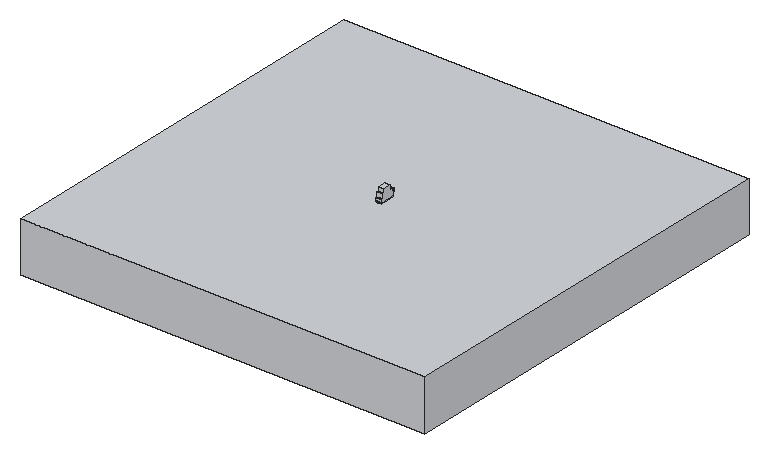
Revit family "Gira_543700", category Elektroinstallationen, Revit 2017
Family settings
  Basisbauteil = Fläche
  Beschriftungsausrichtung beibehalten = Nein
  Bemaßung runder Anschluss = Durchmesser verwenden
  Teiletyp = Normal
  Beim Laden mit Abzugskörper schneiden = Nein
  Gemeinsam genutzt = Nein
  Raumberechnungspunkt = Nein
Parameters (values of type "Funk Jal.aktor 1f REG Gira eNet")
  Default Elevation = 1219.2 mm
  Vor Ort-/Handbedienung = no
  URL = "https://www.gira.de/"
  Typname = "Funk Jal.aktor 1f REG Gira eNet"
  Type Comments = ""
  Stromart = "AC"
  Schutzart (IP) = "IP20"
  Produktseite = "https://media.stage.bim.site/t/eyJhbGciOiJIUzI1NiIsInR5cCI6IkpXVCJ9.eyJjdCI6MiwidHUiOiJodHRwOi8va2F0YWxvZy5naXJhLmRlL2RlX0RFL2RhdGVuYmxhdHQuaHRtbD9hcnRpa2VsbnI9NTQzNzAwIiwiY2lkIjoiMzI3N2NjMjMtODFhOS00ZWUzLWE5MGEtYjQ3YmI0YzBiNjE2IiwicmlkIjoiZmYyMjk0YmQ5ZjEzYjdkYmYyMjljNDQyOWUwZTYwYzciLCJwaWQiOiIxOWYyYjY1OTU3ODdhMzQ2ZGJjOTc1ZWM2MjdlZTM5NWI2MzM3YjAzIiwic2lkIjoiNjM0NzAiLCJ1dCI6MSwibGMiOiJkZSIsImlhdCI6MTYwMDkzOTMxOSwiaXNzIjoiaHR0cHM6Ly9hcGkubGl2ZS5iaW0uc2l0ZSIsInN1YiI6ImFkbWluQGJpbXNpdGUuZGV2In0.mENnl_xwbbUowi9d0C_xhE1K9AxwtSjAQomj4pCZhwM"
  Montageart = "REG"
  Model = ""
  Mit LED-Anzeige = no
  Mit Busankopplung = no
  Max. Schaltleistung [Voltampere] = 1000
  Max. Anzahl der Jalousieausgänge = 1
  Kosten = 0
  Hersteller = "Gira"
  HeinzeBIM = "https://www.heinze.de/bim/funk-jal-aktor-1f-reg-gira-enet/19f2b6595787a346dbc975ec627ee395b6337b03"
  HAN = "543700"
  GTIN = "4010337774297"
  Funktion Schalten = no
  Datenblatt 1 = "https://media.stage.bim.site/t/eyJhbGciOiJIUzI1NiIsInR5cCI6IkpXVCJ9.eyJjdCI6MSwidGYiOiJwdWJsaWMvZ2lyYS9hZThjNTU3LzU0MzcwMC50eHQiLCJjaWQiOiIzMjc3Y2MyMy04MWE5LTRlZTMtYTkwYS1iNDdiYjRjMGI2MTYiLCJyaWQiOiJmZjIyOTRiZDlmMTNiN2RiZjIyOWM0NDI5ZTBlNjBjNyIsInBpZCI6IjE5ZjJiNjU5NTc4N2EzNDZkYmM5NzVlYzYyN2VlMzk1YjYzMzdiMDMiLCJzaWQiOiI2MzQ3MCIsInV0IjoxLCJsYyI6ImRlIiwiaWF0IjoxNjAwOTM5MzE5LCJpc3MiOiJodHRwczovL2FwaS5saXZlLmJpbS5zaXRlIiwic3ViIjoiYWRtaW5AYmltc2l0ZS5kZXYifQ.Adr8a99IvNzIYhWpu69FrDFtJvWu8CShs0je7nGSfv4/543700.txt"
  Datenblatt = "https://media.stage.bim.site/t/eyJhbGciOiJIUzI1NiIsInR5cCI6IkpXVCJ9.eyJjdCI6MSwidHUiOiJodHRwczovL2thdGFsb2cuZ2lyYS5kZS9kZV9ERS9kb3dubG9hZC5odG1sP2FydGlrZWxucj01NDM3MDAiLCJjaWQiOiIzMjc3Y2MyMy04MWE5LTRlZTMtYTkwYS1iNDdiYjRjMGI2MTYiLCJyaWQiOiJmZjIyOTRiZDlmMTNiN2RiZjIyOWM0NDI5ZTBlNjBjNyIsInBpZCI6IjE5ZjJiNjU5NTc4N2EzNDZkYmM5NzVlYzYyN2VlMzk1YjYzMzdiMDMiLCJzaWQiOiI2MzQ3MCIsInV0IjoxLCJsYyI6ImRlIiwiaWF0IjoxNjAwOTM5MzE5LCJpc3MiOiJodHRwczovL2FwaS5saXZlLmJpbS5zaXRlIiwic3ViIjoiYWRtaW5AYmltc2l0ZS5kZXYifQ.aLUQn0-FfnQ6R7QOK3DsOy9WKTgupcbJGf5NoGkz8Qg"
  Bussystem Powernet = no
  Bussystem LON = no
  Bussystem KNX-Funk = no
  Bussystem KNX = no
  Bussystem Funkbus = yes
  Breite in Teilungseinheiten = 2
  Beschreibung = "eNet Funk Jalousieaktor 1fach  REG Merkmale: Mit eNet Server einstellbar::  Vollverschlüsselte Funkübertragung (AES-CCM) ab eNet Server Software Version 2.0.  Bediensperren.  Update der Gerätesoftware.  Der eNet Funk Jalousieaktor empfängt über eine Datenleitung vom eNet Funk Empfangsmodul oder eNet Server Telegramme zur Steuerung elektrisch betriebener Behänge, wie z. B. Jalousien, Rollläden oder Markisen.  Positionierung von Jalousie und Lamelle über Szenenaufruf.  Positionen für Sonnenschutz und Dämmerung speicherbar.  Schwellwertszenen für Sonnenschutz, Dämmerung und Windalarm.  Statusrückmeldung an eNet Funksender.  Behanglaufzeit speicherbar.  Lamellenumsteuerzeit speicherbar. Mit eNet Server einstellbar::  Umsteuerzeit bei Richtungswechsel.  Laufrichtung invertierbar (z. B. für Dachfenster).  Position bei Sonnenschutz, Dämmerung, Aussperrschutz und Windalarm.  Hinweise :  Zum Betrieb dieses Reiheneinbaugeräts wird ein eNet Funk Empfangsmodul oder ein eNet Server benötigt."
  Assembly Code = ""
  Keynote = ""
  BIMSITE_PRODUCT_ID = "19f2b6595787a346dbc975ec627ee395b6337b03"
  BIM = "https://media.stage.bim.site/t/eyJhbGciOiJIUzI1NiIsInR5cCI6IkpXVCJ9.eyJjdCI6MSwidGYiOiJwdWJsaWMvZ2lyYS9hZThjNTU3L0dpcmEgWDEgUkVHIEtOWC5yZmEiLCJjaWQiOiIzMjc3Y2MyMy04MWE5LTRlZTMtYTkwYS1iNDdiYjRjMGI2MTYiLCJyaWQiOiJmZjIyOTRiZDlmMTNiN2RiZjIyOWM0NDI5ZTBlNjBjNyIsInBpZCI6IjE5ZjJiNjU5NTc4N2EzNDZkYmM5NzVlYzYyN2VlMzk1YjYzMzdiMDMiLCJzaWQiOiI2MzQ3MCIsInV0Ijo1LCJsYyI6ImRlIiwiaWF0IjoxNjAwOTM5MzE5LCJpc3MiOiJodHRwczovL2FwaS5saXZlLmJpbS5zaXRlIiwic3ViIjoiYWRtaW5AYmltc2l0ZS5kZXYifQ.hql90hahDrd5CT2nqJyfdlIfM7CTX-1gUyR_OhL5TUU/Gira X1 REG KNX.rfa"
  Anzahl der Eingänge = 1
  Andere Bussysteme = "eNet"
Reference planes
  plane 1 "Center (Front/Back)": y = 0
  plane 2: z = 0
  plane 3 "Center (Left/Right)": x = 0
Forms (mm)
  Extrusion 1, solid
    sketch origin (0, 0, 0) x (1, 0, 0) y (0, 1, 0)
      loop
        line (-1219.2, 1219.2) -> (-1219.2, -1219.2) -> (1219.2, -1219.2) -> (1219.2, 1219.2) -> (-1219.2, 1219.2)
    from 0 to -304.8
  Extrusion 2, solid, detail levels fine
    sketch origin (0, -0.2, 0) x (0, 1, 0) y (0, 0, 1)
      loop
        line (22.65, 43.82) -> (22.65, 68.77) -> (-22.25, 68.77) -> (-22.25, 43.82) -> (-30.4, 43.82) -> (-30.4, 19.42) -> (-44.8, 19.42) -> (-44.8, 1.97) -> (45.192, 1.97) -> (45.192, 28.47) -> (32.925, 28.47) -> (32.831, 39.259) -> (31.225, 41.242) -> (31.225, 43.82) -> (22.65, 43.82)
    from -17.95 to 17.95
  Extrusion 3, solid, detail levels fine
    sketch origin (0, -0.2, 0) x (0, 1, 0) y (0, 0, 1)
      loop
        line (45.192, 43.82) -> (31.225, 43.82) -> (31.225, 41.242) -> (32.831, 39.259) -> (32.925, 28.47) -> (45.192, 28.47) -> (45.192, 43.82)
    from -17.95 to -15.8
  Extrusion 4, solid, detail levels fine
    sketch origin (0, -0.2, 0) x (0, 1, 0) y (0, 0, -1)
      loop
        line (45.192, -43.82) -> (45.192, -28.47) -> (32.925, -28.47) -> (32.831, -39.259) -> (31.225, -41.242) -> (31.225, -43.82) -> (45.192, -43.82)
    from -17.95 to -15.8
  Extrusion 5, solid, detail levels fine
    sketch origin (0, -0.2, 0) x (0, 1, 0) y (0, 0, 1)
      loop
        line (31.5, 42.848) -> (31.5, 40.412)
        arc (31.5, 40.412) -> (38.359, 39.512) -> (45.192, 38.435) r 267
        line (45.192, 38.435) -> (45.192, 14.255)
        arc (45.192, 14.255) -> (50.205, 15.189) -> (55.2, 16.219) r 264.9
        line (55.2, 16.219) -> (55.2, 38.933)
        arc (55.2, 38.933) -> (43.394, 41.159) -> (31.5, 42.848) r 265
    from -15.506 to 15.5
  Extrusion 6, solid, detail levels fine
    sketch origin (0, -0.2, 0) x (0, 1, 0) y (0, 0, 1)
      loop
        line (45.2, 1.5) -> (17.774, 1.5) -> (17.905, -6.017)
        arc (17.905, -6.017) -> (20.285, -6.454) -> (22.7, -6.6) r 20
        arc (22.7, -6.6) -> (33.985, -5.009) -> (45.128, -2.618) r 160
        line (45.128, -2.618) -> (45.2, 1.5)
    from -17.95 to 18
  Extrusion 7, solid, detail levels fine
    sketch origin (0, -0.2, 0) x (0, 1, 0) y (0, 0, 1)
      loop
        line (17.905, -6.017) -> (17.824, -1.4) -> (16.8, -1.4) -> (14.749, -4.952)
        arc (14.749, -4.952) -> (16.305, -5.55) -> (17.905, -6.017) r 20
    from -17.95 to -13
  Extrusion 8, solid, detail levels fine
    sketch origin (0, -0.2, 0) x (0, 1, 0) y (0, 0, -1)
      loop
        arc (17.905, 6.017) -> (16.305, 5.55) -> (14.749, 4.952) r 20
        line (14.749, 4.952) -> (16.8, 1.4) -> (17.824, 1.4) -> (17.905, 6.017)
    from -17.95 to -13
  Extrusion 9, solid, detail levels fine
    sketch origin (0, -0.2, 0) x (0, 1, 0) y (0, 0, 1)
      loop
        line (17.8, 0) -> (17.774, 1.5) -> (-44.8, 1.5) -> (-44.774, 0) -> (17.8, 0)
    from -17.95 to 17.95
  Extrusion 10, solid, detail levels fine
    sketch origin (0, 0, 0) x (0, 1, 0) y (0, 0, 1)
      loop
        line (-48.916, -3.317) -> (-44.906, -3.881) -> (-44.974, 0) -> (-48.916, 0) -> (-48.916, -3.317)
    from -4.803 to 4.797
  Extrusion 11, solid, detail levels fine
    sketch origin (0, 0, 0) x (0, 1, 0) y (0, 0, 1)
      loop
        arc (-22.5, -6.6) -> (-20.811, -6.529) -> (-19.134, -6.315) r 20
        line (-19.134, -6.315) -> (-18.029, -3.279) -> (-18, 0) -> (-44.974, 0) -> (-44.928, -2.618)
        arc (-44.928, -2.618) -> (-33.785, -5.009) -> (-22.5, -6.6) r 160
    from -17.95 to -10.5
  Extrusion 12, solid, detail levels fine
    sketch origin (0, 0, 0) x (0, 1, 0) y (0, 0, -1)
      loop
        arc (-22.5, 6.6) -> (-33.785, 5.009) -> (-44.928, 2.618) r 160
        line (-44.928, 2.618) -> (-44.974, 0) -> (-18, 0) -> (-18.029, 3.279) -> (-19.134, 6.315)
        arc (-19.134, 6.315) -> (-20.811, 6.529) -> (-22.5, 6.6) r 20
    from -17.95 to -10.5
  Extrusion 13, solid, detail levels fine
    sketch origin (0, 0, 0) x (0, 1, 0) y (0, 0, 1)
      loop
        line (-30.708, -6.6) -> (-30.65, 0) -> (-44.974, 0) -> (-44.859, -6.6) -> (-30.708, -6.6)
    from -10.5 to 10.5
  Extrusion 14, solid, detail levels fine
    sketch origin (0, 0, 0) x (1, 0, 0) y (0, 1, 0)
      loop
        circle (-0.003, -20.023) r 1
    from -7.682 to 0
  Extrusion 15, solid, detail levels fine
    sketch origin (0, 0, 0) x (0, 1, 0) y (0, 0, 1)
      loop
        line (-17.523, -0.8) -> (-17.523, 0) -> (-30.65, 0) -> (-30.684, -3.9) -> (-27.106, -3.9) -> (-27.106, -5.6) -> (-19.623, -6.6) -> (-18.03, -6.6) -> (-15.023, -2.682) -> (-15.023, -1.517) -> (-17.523, -0.8)
    from -4.503 to 4.5
  Extrusion 16, solid, detail levels fine
    sketch origin (0, 0, 0) x (1, 0, 0) y (0, 1, 0)
      loop
        line (16.859, 43.848) -> (-16.859, 43.848) -> (-16.859, -43.859) -> (16.859, -43.859) -> (16.859, 43.848)
    from 1.5 to 4
  Extrusion 17, solid, detail levels medium
    sketch origin (0, 0, 0) x (0, 1, 0) y (0, 0, 1)
      loop
        line (22.45, 68.77) -> (-22.45, 68.77) -> (-22.45, 43.82) -> (-30.6, 43.82) -> (-30.6, 19.42) -> (-45, 19.42) -> (-45, 0) -> (-48.916, 0) -> (-48.916, -6.6) -> (-15.023, -6.6) -> (-15.023, 0) -> (14.549, 0) -> (14.549, -6.6) -> (44.992, -6.6) -> (44.992, 14.255)
        arc (44.992, 14.255) -> (50.005, 15.189) -> (55, 16.219) r 264.9
        line (55, 16.219) -> (55, 38.933)
        arc (55, 38.933) -> (50.005, 39.943) -> (44.992, 40.856) r 265
        line (44.992, 40.856) -> (44.992, 43.82) -> (22.45, 43.82) -> (22.45, 68.77)
    from -17.95 to 17.95
  Extrusion 18, solid, detail levels coarse
    sketch origin (0, 0, 0) x (1, 0, 0) y (0, 1, 0)
      loop
        line (-17.95, 55) -> (-17.95, -48.916) -> (17.95, -48.916) -> (17.95, 55) -> (-17.95, 55)
    from -7.682 to 68.77
Dimensions and locks
  aligned and locked: plane 2 to Extrusion 1
  aligned and locked: level to Extrusion 1
Connectors
  electrical at (0, -13.687, 0)
    settings: on Extrusion 9, index 1, voltage 24 V, apparent load 0 VA, apparent load phase1 0 VA, apparent load phase2 0 VA, apparent load phase3 0 VA, power factor 1, load classification "Other", number of poles 1, system type 30, power factor state 1, is connector primary yes, connector utility no, sub classification motor no, connector description ""
